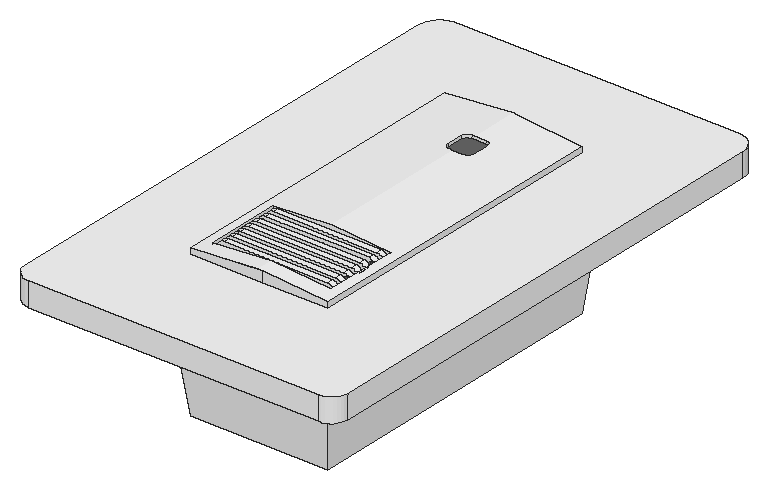
Revit family "LHU", category Communication Devices, host Face, Revit 2014
Parameters (values of type "LHUSD0-N")
  Warranty = "5-Years Warranty"  # constant formula
  Type Comments = "LightHAWK®2 Ultrasonic Wall Switch Sensor"  # constant formula
  Product Page URL = "https://www.hubbell.com/hubbellcontrolsolutions/en/Products/Lighting-Controls/Lighting-Controls-Sensors/Wallbox-Occupancy-Sensors/LightHAWK2-Ultrasonic/p/221007"
  Product Documentation Link = "https://hubbellcdn.com/specsheet/1116A_LightHAWK2_LHUS.pdf"
  URL = "https://www.hubbell.com/hubbellcontrolsolutions/en"
  Model = " Wall Switch Occupancy Sensors"  # constant formula
  Manufacturer = "Hubbell Control Solutions"  # constant formula
  Width = 2.75"
  Features = "Digital Ultrasonic (US) sensor \r\nIntelliDAPT self-adaptive technology—no manual adjustment required \r\nDual circuit has isolated relays \r\nOccupancy (auto-on) and Vacancy (manual-on) operating modes \r\nAvailable with or without Neutral \r\n400 square-foot, 180° coverage area \r\n120/277VAC operation \r\nNo minimum load requirement \r\nZero Arc Point Switching \r\nFive-year limited warranty \r\n120-277VAC and 347VAC models \r\nLow voltage device: 24VDC \r\n"  # constant formula
  Black = Paint - Hubbell - Carbon Black
  Height = 4.50"
  White = Paint - Hubbell - Matte White
  Description = "The LightHAWK®2 Ultrasonic Wall Switch Sensor uses ultrasonic (US)\r\ntechnology for detecting minor movement in areas with line-ofsight\r\nobstacles such as cubicles and stalls. Ultrasonic technology is\r\nvolumetric in nature, its coverage pattern can adapt itself to fill oddly\r\nshaped spaces such as alcoves, recesses, and nooks. This sensor has a\r\ncoverage area of up to 400 square feet and 180° of detection"  # constant formula
  Default Elevation = 48.00"
  Create Date = "03/26/2019"  # constant formula
  Copyright = "Copyright © 2018 Hubbell Control Solutions"  # constant formula
  Contact Us = "https://www.hubbell.com/hubbellcontrolsolutions/en/contactUs"
  Assembly Code = "D5090"
  2 = no
  1 = no
Types (13): name | 2 | 1
  (no name) | no | no
  LHUSD0-24V | no | no
  LHUSD0-G | no | no
  LHUSD0-N | no | no
  LHUSD2-G | yes | no
  LHUSS1-24V | no | no
  LHUSS0-G | no | no
  LHUSS0-N | no | no
  LHUSS1-G | no | yes
  LHUSS1-N | no | yes
  LHUSD2-N | yes | no
  LHUSS0-24V | no | no
  LHUSD2-24V | no | no
Reference planes (in)
  plane 1 "Center (Front/Back)": y = 13.01342
  plane 2: z = 0
  plane 3 "Center (Left/Right)": x = 0
  plane 4: x = -1.375
  plane 5: x = 1.375
  plane 6: y = 15.26342
  plane 7: y = 10.76342
  plane 8: z = -1.35
  plane 9: z = 0.3
Forms (in)
  Extrusion 1, solid, material "Paint - Hubbell - Matte White" <- "White"
    sketch origin (0, 0, -0.5) x (1, 0, 0) y (0, 1, 0)
      loop
        arc (-1.17464, 15.26342) -> (-1.31632, 15.20473) -> (-1.375, 15.06306) r 0.20036
        line (-1.375, 15.06306) -> (-1.375, 10.91856)
        arc (-1.375, 10.91856) -> (-1.32956, 10.80886) -> (-1.21986, 10.76342) r 0.15514
        line (-1.21986, 10.76342) -> (1.23768, 10.76342)
        arc (1.23768, 10.76342) -> (1.33478, 10.80364) -> (1.375, 10.90074) r 0.13732
        line (1.375, 10.90074) -> (1.375, 15.08233)
        arc (1.375, 15.08233) -> (1.32196, 15.21038) -> (1.19391, 15.26342) r 0.18109
        line (1.19391, 15.26342) -> (-1.17464, 15.26342)
    from 0.6 to 0.4
  Extrusion 2, solid, material "Paint - Hubbell - Matte White" <- "White"
    sketch origin (0, 0, 0) x (1, 0, 0) y (0, 1, 0)
      loop
        line (-0.61252, 14.41205) -> (-0.61252, 11.71709) -> (0, 11.71709) -> (0.55202, 11.71709) -> (0.55202, 14.41205) -> (0, 14.41205) -> (-0.61252, 14.41205)
    from 0.23534 to 0.1
  Extrusion 3, void
    sketch origin (0, 13.01342, 0) x (1, 0, 0) y (0, 0, 1)
      loop
        line (-0.80064, 0.50032) -> (-0.80064, 0.11093)
        arc (-0.80064, 0.11093) -> (-0.03604, 0.19217) -> (0.72866, 0.11196) r 3.66183
        line (0.72866, 0.11196) -> (0.72866, 0.50032) -> (-0.80064, 0.50032)
    from 1.29633 to -1.39863
  Extrusion 4, solid, material "Paint - Hubbell - Matte White" <- "White", visible <- "2"
    sketch origin (0, -0.50782, -0.15625) x (1, 0, 0) y (0, 1, 0)
      loop
        arc (-0.36532, 13.31515) -> (-0.44943, 13.23104) -> (-0.36532, 13.14693) r 0.08411
        line (-0.36532, 13.14693) -> (0.36532, 13.14693)
        arc (0.36532, 13.14693) -> (0.44943, 13.23104) -> (0.36532, 13.31515) r 0.08411
        line (0.36532, 13.31515) -> (-0.36532, 13.31515)
    from 0.41734 to 0.3
  Extrusion 5, void
    sketch origin (0, 12.66185, -0.15625) x (1, 0, 0) y (0, 0, 1)
      loop
        line (-0.68234, 0.93634) -> (-0.68234, 0.33634)
        arc (-0.68234, 0.33634) -> (0.00087, 0.41153) -> (0.68408, 0.33634) r 3.14149
        line (0.68408, 0.33634) -> (0.68408, 0.93634) -> (-0.68234, 0.93634)
    from 0.07779 to -0.48461
  Extrusion 6, void
    sketch origin (0, 0, 0) x (1, 0, 0) y (0, 1, 0)
      loop
        line (-0.52918, 12.4843) -> (-0.52918, 11.85227) -> (0.47082, 11.85227) -> (0.47082, 12.4843) -> (-0.52918, 12.4843)
    from 0.8 to 0
  Extrusion 7, solid, material "Paint - Hubbell - Matte White" <- "White"
    sketch origin (-0.20544, 12.15494, -0.06076) x (1, 0, 0) y (0, 0, 1)
      loop
        line (-0.32566, 0.16057) -> (0.08594, 0.16057) -> (0.68073, 0.16057)
        arc (0.68073, 0.16057) -> (0.66385, 0.20745) -> (0.62096, 0.23281) r 0.07354
        arc (0.62096, 0.23281) -> (0.18246, 0.249) -> (-0.25611, 0.23492) r 6.36196
        arc (-0.25611, 0.23492) -> (-0.30556, 0.21148) -> (-0.32566, 0.16057) r 0.07451
    from 0.2657 to 0.21808
  Extrusion 8, solid, material "Paint - Hubbell - Matte White" <- "White"
    sketch origin (-0.20544, 12.23954, -0.06076) x (1, 0, 0) y (0, 0, 1)
      loop
        line (-0.32566, 0.16057) -> (0.08594, 0.16057) -> (0.68073, 0.16057)
        arc (0.68073, 0.16057) -> (0.66385, 0.20745) -> (0.62096, 0.23281) r 0.07354
        arc (0.62096, 0.23281) -> (0.18246, 0.249) -> (-0.25611, 0.23492) r 6.36196
        arc (-0.25611, 0.23492) -> (-0.30556, 0.21148) -> (-0.32566, 0.16057) r 0.07451
    from 0.2657 to 0.21808
  Extrusion 9, solid, material "Paint - Hubbell - Matte White" <- "White"
    sketch origin (-0.20544, 12.32413, -0.06076) x (1, 0, 0) y (0, 0, 1)
      loop
        line (-0.32566, 0.16057) -> (0.08594, 0.16057) -> (0.68073, 0.16057)
        arc (0.68073, 0.16057) -> (0.66385, 0.20745) -> (0.62096, 0.23281) r 0.07354
        arc (0.62096, 0.23281) -> (0.18246, 0.249) -> (-0.25611, 0.23492) r 6.36196
        arc (-0.25611, 0.23492) -> (-0.30556, 0.21148) -> (-0.32566, 0.16057) r 0.07451
    from 0.2657 to 0.21808
  Extrusion 10, solid, material "Paint - Hubbell - Matte White" <- "White"
    sketch origin (-0.20544, 12.40872, -0.06076) x (1, 0, 0) y (0, 0, 1)
      loop
        line (-0.32566, 0.16057) -> (0.08594, 0.16057) -> (0.68073, 0.16057)
        arc (0.68073, 0.16057) -> (0.66385, 0.20745) -> (0.62096, 0.23281) r 0.07354
        arc (0.62096, 0.23281) -> (0.18246, 0.249) -> (-0.25611, 0.23492) r 6.36196
        arc (-0.25611, 0.23492) -> (-0.30556, 0.21148) -> (-0.32566, 0.16057) r 0.07451
    from 0.2657 to 0.21808
  Extrusion 11, solid, material "Paint - Hubbell - Matte White" <- "White"
    sketch origin (-0.20544, 12.49332, -0.06076) x (1, 0, 0) y (0, 0, 1)
      loop
        line (-0.32566, 0.16057) -> (0.08594, 0.16057) -> (0.68073, 0.16057)
        arc (0.68073, 0.16057) -> (0.66385, 0.20745) -> (0.62096, 0.23281) r 0.07354
        arc (0.62096, 0.23281) -> (0.18246, 0.249) -> (-0.25611, 0.23492) r 6.36196
        arc (-0.25611, 0.23492) -> (-0.30556, 0.21148) -> (-0.32566, 0.16057) r 0.07451
    from 0.2657 to 0.21808
  Extrusion 12, solid, material "Paint - Hubbell - Matte White" <- "White"
    sketch origin (-0.20544, 12.58844, -0.06076) x (1, 0, 0) y (0, 0, 1)
      loop
        line (-0.32566, 0.16057) -> (0.08594, 0.16057) -> (0.68073, 0.16057)
        arc (0.68073, 0.16057) -> (0.66385, 0.20745) -> (0.62096, 0.23281) r 0.07354
        arc (0.62096, 0.23281) -> (0.18246, 0.249) -> (-0.25611, 0.23492) r 6.36196
        arc (-0.25611, 0.23492) -> (-0.30556, 0.21148) -> (-0.32566, 0.16057) r 0.07451
    from 0.2657 to 0.21808
  Extrusion 13, solid, material "Paint - Hubbell - Matte White" <- "White"
    sketch origin (-0.20544, 12.67303, -0.06076) x (1, 0, 0) y (0, 0, 1)
      loop
        line (-0.32566, 0.16057) -> (0.08594, 0.16057) -> (0.68073, 0.16057)
        arc (0.68073, 0.16057) -> (0.66385, 0.20745) -> (0.62096, 0.23281) r 0.07354
        arc (0.62096, 0.23281) -> (0.18246, 0.249) -> (-0.25611, 0.23492) r 6.36196
        arc (-0.25611, 0.23492) -> (-0.30556, 0.21148) -> (-0.32566, 0.16057) r 0.07451
    from 0.2657 to 0.21808
  Extrusion 14, void
    sketch origin (0, 0, 0) x (1, 0, 0) y (0, 1, 0)
      loop
        arc (-0.05908, 14.00966) -> (-0.09724, 13.99385) -> (-0.11305, 13.9557) r 0.05396
        line (-0.11305, 13.9557) -> (-0.11305, 13.82325)
        arc (-0.11305, 13.82325) -> (-0.09772, 13.78624) -> (-0.06071, 13.77091) r 0.05234
        line (-0.06071, 13.77091) -> (0.0577, 13.77091)
        arc (0.0577, 13.77091) -> (0.09473, 13.78625) -> (0.11008, 13.82329) r 0.05238
        line (0.11008, 13.82329) -> (0.11008, 13.95867)
        arc (0.11008, 13.95867) -> (0.09514, 13.99473) -> (0.05908, 14.00966) r 0.05099
        line (0.05908, 14.00966) -> (-0.05908, 14.00966)
    from 0.22626 to 0.1699
  Blend 15, solid, material "Paint - Hubbell - Matte White" <- "White"
    base sketch origin (0, 0, 0) x (1, 0, 0) y (0, 1, 0)
      loop
        line (-0.73509, 14.56519) -> (-0.73509, 11.56519) -> (0.66835, 11.56519) -> (0.66835, 14.56519) -> (-0.73509, 14.56519)
    top sketch origin (0, 0, 0) x (1, 0, 0) y (0, 1, 0)
      loop
        line (-0.61252, 14.41205) -> (-0.61252, 11.71709) -> (0.55202, 11.71709) -> (0.55202, 14.41205) -> (-0.61252, 14.41205)
    from 0 to -1.12608
  Extrusion 16, solid, material "Paint - Hubbell - Matte White" <- "White", visible <- "2"
    sketch origin (0, -0.12311, -0.15625) x (1, 0, 0) y (0, 1, 0)
      loop
        arc (-0.36532, 13.31515) -> (-0.44943, 13.23104) -> (-0.36532, 13.14693) r 0.08411
        line (-0.36532, 13.14693) -> (0.36532, 13.14693)
        arc (0.36532, 13.14693) -> (0.44943, 13.23104) -> (0.36532, 13.31515) r 0.08411
        line (0.36532, 13.31515) -> (-0.36532, 13.31515)
    from 0.41734 to 0.3
  Extrusion 17, void
    sketch origin (0, 13.04656, -0.15625) x (1, 0, 0) y (0, 0, 1)
      loop
        line (-0.68234, 0.93634) -> (-0.68234, 0.33634)
        arc (-0.68234, 0.33634) -> (0.00087, 0.41153) -> (0.68408, 0.33634) r 3.14149
        line (0.68408, 0.33634) -> (0.68408, 0.93634) -> (-0.68234, 0.93634)
    from 0.07779 to -0.22916
  Extrusion 18, solid, material "Paint - Hubbell - Matte White" <- "White", visible <- "1"
    sketch origin (0, -0.29322, -0.15625) x (1, 0, 0) y (0, 1, 0)
      loop
        arc (-0.31845, 13.3464) -> (-0.4587, 13.20615) -> (-0.31845, 13.0659) r 0.14025
        line (-0.31845, 13.0659) -> (0.31845, 13.0659)
        arc (0.31845, 13.0659) -> (0.4587, 13.20615) -> (0.31845, 13.3464) r 0.14025
        line (0.31845, 13.3464) -> (-0.31845, 13.3464)
    from 0.41734 to 0.3
  Extrusion 19, solid, material "Paint - Hubbell - Carbon Black" <- "Black"
    sketch origin (0, 0, 0) x (1, 0, 0) y (0, 1, 0)
      loop
        circle (-0.28512, 12.19064) r 0.25
      loop
        circle (0.22429, 12.19064) r 0.25
      loop
        circle (-0.28512, 12.19064) r 0.24
      loop
        circle (0.22429, 12.19064) r 0.24
    from 0.14612 to 0
Cuts and joins
  Extrusion 3, Extrusion 6 cuts Extrusion 1
  Extrusion 3, Extrusion 6, Extrusion 14 cuts Extrusion 2
  joined: Extrusion 1, Extrusion 2
  Extrusion 5, Extrusion 17 cuts Extrusion 4
  Extrusion 17 cuts Extrusion 16
  Extrusion 5 cuts Extrusion 18
Dimensions and locks (in)
  plane 2 to plane 8 = 1.35"
  "Width": plane 4 to plane 5
  equal spacing: plane 4, plane 3 "Center (Left/Right)", plane 5
  "Height": plane 7 to plane 6
  equal spacing: plane 7, plane 1 "Center (Front/Back)", plane 6
  plane 9 to plane 8 = 1.65"
  aligned and locked: plane 2 to host face
  aligned and locked: level to host face
Automatic sketch dimensions
  host sketch curve to host sketch curve = 96.00"  (x2)
  Extrusion 1 sketch curve to plane 4 = 0.00"
  plane 7 to Extrusion 1 sketch curve = 0.00"
  plane 6 to Extrusion 1 sketch curve = 0.00"
  Extrusion 1 sketch curve to plane 5 = 0.00"
  plane 4 to Extrusion 1 sketch curve = 0.15514"
  plane 4 to Extrusion 1 sketch curve = 0.20036"
  Extrusion 1 sketch curve to Extrusion 1 sketch curve = 0.18109"
  Extrusion 1 sketch curve to plane 5 = 0.13732"
  Extrusion 2 sketch curve to plane 3 "Center (Left/Right)" = 0.00"  (x2)
  Extrusion 2 sketch curve to plane 3 "Center (Left/Right)" = 0.61252"
  Extrusion 2 sketch curve to Extrusion 2 sketch curve = 0.55202"
  Extrusion 2 sketch curve to plane 7 = 0.95367"
  plane 6 to Extrusion 2 sketch curve = 0.85137"
  level to Extrusion 3 sketch curve = 0.11093"
  plane 4 to Extrusion 3 sketch curve = 0.57436"
  Extrusion 3 sketch curve to plane 3 "Center (Left/Right)" = 0.03357"
  level to Extrusion 3 sketch curve = 0.11196"
  plane 3 "Center (Left/Right)" to Extrusion 3 sketch curve = 0.72866"
  Extrusion 3 sketch curve to plane 9 = 0.20032"
  plane 1 "Center (Front/Back)" to Extrusion 4 sketch curve = 0.20609"
  Extrusion 4 sketch curve to plane 3 "Center (Left/Right)" = 0.36532"
  plane 3 "Center (Left/Right)" to Extrusion 4 sketch curve = 0.36532"
  Extrusion 4 sketch curve to Extrusion 4 sketch curve = 0.08411"
  plane 9 to Extrusion 5 sketch curve = 0.11991"
  Extrusion 5 sketch curve to plane 3 "Center (Left/Right)" = 0.68234"
  plane 3 "Center (Left/Right)" to Extrusion 5 sketch curve = 0.00087"
  plane 3 "Center (Left/Right)" to Extrusion 5 sketch curve = 0.68408"
  plane 8 to Extrusion 5 sketch curve = 1.53622"
  Extrusion 5 sketch curve to plane 9 = 0.48009"
  Extrusion 5 sketch curve to Extrusion 5 sketch curve = 0.00"
  Extrusion 6 sketch curve to plane 3 "Center (Left/Right)" = 0.52918"
  plane 3 "Center (Left/Right)" to Extrusion 6 sketch curve = 0.47082"
  Extrusion 6 sketch curve to plane 7 = 1.08885"
  plane 1 "Center (Front/Back)" to Extrusion 6 sketch curve = 0.52912"
  level to Extrusion 7 sketch curve = 0.09982"
  Extrusion 7 sketch curve to plane 3 "Center (Left/Right)" = 0.5311"
  Extrusion 7 sketch curve to Extrusion 7 sketch curve = 0.07451"
  Extrusion 7 sketch curve to plane 3 "Center (Left/Right)" = 0.1195"
  Extrusion 7 sketch curve to plane 3 "Center (Left/Right)" = 0.03822"
  plane 3 "Center (Left/Right)" to Extrusion 7 sketch curve = 0.40175"
  Extrusion 7 sketch curve to Extrusion 7 sketch curve = 0.07354"
  plane 8 to Extrusion 7 sketch curve = 4.8237"
  Extrusion 7 sketch curve to Extrusion 7 sketch curve = 0.00"
  level to Extrusion 8 sketch curve = 0.09982"
  Extrusion 8 sketch curve to plane 3 "Center (Left/Right)" = 0.5311"
  Extrusion 8 sketch curve to Extrusion 8 sketch curve = 0.07451"
  Extrusion 8 sketch curve to plane 3 "Center (Left/Right)" = 0.1195"
  Extrusion 8 sketch curve to plane 3 "Center (Left/Right)" = 0.03822"
  plane 3 "Center (Left/Right)" to Extrusion 8 sketch curve = 0.40175"
  Extrusion 8 sketch curve to Extrusion 8 sketch curve = 0.07354"
  plane 8 to Extrusion 8 sketch curve = 4.8237"
  Extrusion 8 sketch curve to Extrusion 8 sketch curve = 0.00"
  level to Extrusion 9 sketch curve = 0.09982"
  Extrusion 9 sketch curve to plane 3 "Center (Left/Right)" = 0.5311"
  Extrusion 9 sketch curve to Extrusion 9 sketch curve = 0.07451"
  Extrusion 9 sketch curve to plane 3 "Center (Left/Right)" = 0.1195"
  Extrusion 9 sketch curve to plane 3 "Center (Left/Right)" = 0.03822"
  plane 3 "Center (Left/Right)" to Extrusion 9 sketch curve = 0.40175"
  Extrusion 9 sketch curve to Extrusion 9 sketch curve = 0.07354"
  plane 8 to Extrusion 9 sketch curve = 4.8237"
  Extrusion 9 sketch curve to Extrusion 9 sketch curve = 0.00"
  level to Extrusion 10 sketch curve = 0.09982"
  Extrusion 10 sketch curve to plane 3 "Center (Left/Right)" = 0.5311"
  Extrusion 10 sketch curve to Extrusion 10 sketch curve = 0.07451"
  Extrusion 10 sketch curve to plane 3 "Center (Left/Right)" = 0.1195"
  Extrusion 10 sketch curve to plane 3 "Center (Left/Right)" = 0.03822"
  plane 3 "Center (Left/Right)" to Extrusion 10 sketch curve = 0.40175"
  Extrusion 10 sketch curve to Extrusion 10 sketch curve = 0.07354"
  plane 8 to Extrusion 10 sketch curve = 4.8237"
  Extrusion 10 sketch curve to Extrusion 10 sketch curve = 0.00"
  level to Extrusion 11 sketch curve = 0.09982"
  Extrusion 11 sketch curve to plane 3 "Center (Left/Right)" = 0.5311"
  Extrusion 11 sketch curve to Extrusion 11 sketch curve = 0.07451"
  Extrusion 11 sketch curve to plane 3 "Center (Left/Right)" = 0.1195"
  Extrusion 11 sketch curve to plane 3 "Center (Left/Right)" = 0.03822"
  plane 3 "Center (Left/Right)" to Extrusion 11 sketch curve = 0.40175"
  Extrusion 11 sketch curve to Extrusion 11 sketch curve = 0.07354"
  plane 8 to Extrusion 11 sketch curve = 4.8237"
  Extrusion 11 sketch curve to Extrusion 11 sketch curve = 0.00"
  level to Extrusion 12 sketch curve = 0.09982"
  Extrusion 12 sketch curve to plane 3 "Center (Left/Right)" = 0.5311"
  Extrusion 12 sketch curve to Extrusion 12 sketch curve = 0.07451"
  Extrusion 12 sketch curve to plane 3 "Center (Left/Right)" = 0.1195"
  Extrusion 12 sketch curve to plane 3 "Center (Left/Right)" = 0.03822"
  plane 3 "Center (Left/Right)" to Extrusion 12 sketch curve = 0.40175"
  Extrusion 12 sketch curve to Extrusion 12 sketch curve = 0.07354"
  plane 8 to Extrusion 12 sketch curve = 4.8237"
  Extrusion 12 sketch curve to Extrusion 12 sketch curve = 0.00"
  level to Extrusion 13 sketch curve = 0.09982"
  Extrusion 13 sketch curve to plane 3 "Center (Left/Right)" = 0.5311"
  Extrusion 13 sketch curve to Extrusion 13 sketch curve = 0.07451"
  Extrusion 13 sketch curve to plane 3 "Center (Left/Right)" = 0.1195"
  Extrusion 13 sketch curve to plane 3 "Center (Left/Right)" = 0.03822"
  plane 3 "Center (Left/Right)" to Extrusion 13 sketch curve = 0.40175"
  Extrusion 13 sketch curve to Extrusion 13 sketch curve = 0.07354"
  plane 8 to Extrusion 13 sketch curve = 4.8237"
  Extrusion 13 sketch curve to Extrusion 13 sketch curve = 0.00"
  Extrusion 14 sketch curve to plane 3 "Center (Left/Right)" = 0.11305"
  Extrusion 14 sketch curve to plane 3 "Center (Left/Right)" = 0.06071"
  Extrusion 14 sketch curve to Extrusion 14 sketch curve = 0.05396"
  plane 3 "Center (Left/Right)" to Extrusion 14 sketch curve = 0.0577"
  plane 3 "Center (Left/Right)" to Extrusion 14 sketch curve = 0.05908"
  Extrusion 14 sketch curve to Extrusion 14 sketch curve = 0.05099"
  Extrusion 14 sketch curve to plane 1 "Center (Front/Back)" = 0.75749"
  Extrusion 14 sketch curve to Extrusion 14 sketch curve = 0.13244"
  plane 4 to Blend 15 sketch curve = 0.63991"
  plane 3 "Center (Left/Right)" to Blend 15 sketch curve = 0.66835"
  Blend 15 sketch curve to plane 7 = 0.80177"
  plane 6 to Blend 15 sketch curve = 0.69823"
  Blend 15 sketch curve to plane 3 "Center (Left/Right)" = 0.61252"
  plane 3 "Center (Left/Right)" to Blend 15 sketch curve = 0.55202"
  Blend 15 sketch curve to plane 7 = 0.95367"
  plane 6 to Blend 15 sketch curve = 0.85137"
  Extrusion 16 sketch curve to plane 1 "Center (Front/Back)" = 0.17862"
  Extrusion 16 sketch curve to plane 3 "Center (Left/Right)" = 0.36532"
  Extrusion 16 sketch curve to plane 1 "Center (Front/Back)" = 0.0104"
  plane 3 "Center (Left/Right)" to Extrusion 16 sketch curve = 0.36532"
  plane 9 to Extrusion 17 sketch curve = 0.11991"
  Extrusion 17 sketch curve to plane 3 "Center (Left/Right)" = 0.68234"
  plane 3 "Center (Left/Right)" to Extrusion 17 sketch curve = 0.00087"
  plane 3 "Center (Left/Right)" to Extrusion 17 sketch curve = 0.68408"
  plane 8 to Extrusion 17 sketch curve = 1.53622"
  Extrusion 17 sketch curve to plane 9 = 0.48009"
  Extrusion 17 sketch curve to Extrusion 17 sketch curve = 0.00"
  Extrusion 18 sketch curve to plane 1 "Center (Front/Back)" = 0.03977"
  Extrusion 18 sketch curve to plane 3 "Center (Left/Right)" = 0.31845"
  plane 1 "Center (Front/Back)" to Extrusion 18 sketch curve = 0.24074"
  plane 3 "Center (Left/Right)" to Extrusion 18 sketch curve = 0.31845"
  Extrusion 19 sketch curve to plane 3 "Center (Left/Right)" = 0.28512"
  plane 3 "Center (Left/Right)" to Extrusion 19 sketch curve = 0.22429"
  plane 1 "Center (Front/Back)" to Extrusion 19 sketch curve = 0.82277"
  Extrusion 19 sketch curve to Extrusion 19 sketch curve = 0.00"
  radius of Extrusion 19 sketch curve = 0.25"  (x2)
Connectors (in)
  electrical at (0.00464, 13.0023, 0.1)
    settings: on cut or joined group of Extrusion 1, Extrusion 2, Extrusion 3, Extrusion 6, Extrusion 14, index 1, voltage 0 V, apparent load 0 VA, apparent load phase1 0 VA, apparent load phase2 0 VA, apparent load phase3 0 VA, power factor 1, load classification "Other", number of poles 1, system type 14, power factor state 1, is connector primary yes, connector utility no, sub classification motor no, connector description "Wall Switch Occupancy Sensors"
